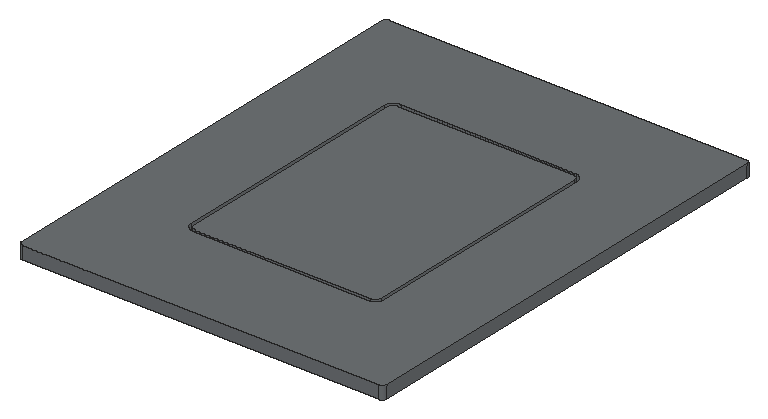
Revit family "Grohe_FlushPlate_SpaPremium_104644AL00", category Plumbing Fixtures, host Face, Revit 2022
Family settings
  Host = Face
  Round Connector Dimension = Use Diameter
  Part Type = Normal
  Cut with Voids When Loaded = No
  Maintain Annotation Orientation = No
  Shared = No
  Room Calculation Point = No
Parameters (values of type "SPA Flush Plate (104644AL00)")
  _ObjectUserGuide = "https://www.bimstore.co/products/spa-flush-plate-104644AL00/document/object-user-guide"
  _DistributedBy = "https://www.bimstore.co/"
  _CurrentRevision = 1
  _CreatedBy = "https://www.bimstore.co/"
  _BimSpecGuid = 0
  _BSBibleVersion = 17
  _AuthorizedBy = "bimstore"
  _Author = "AM 191"
  Waste Connection = no
  WarrantyStartDate [instance] = "Please Record on Commissioning"
  WarrantyGuarantorParts = "info-uk@grohe.com"
  WarrantyGuarantorLabor = "info-uk@grohe.com"
  WarrantyDurationUnit = "Years"
  WarrantyDurationParts = "0"
  WarrantyDurationLabor = "0"
  WarrantyDescription = "n/a"
  Vent Connection = no
  URL = "https://www.grohe.co.uk/"
  TypeName = "SPA Flush Plate"
  Type Comments = "SPA Flush Plate"
  TPIDocumentLink = "https://cdn.cloud.grohe.com/tpi/2000/2200/2220/2226/2226057/original/2226057.pdf"
  SustainabilityReport = "green.grohe.com/reporting"
  SustainabilityAward = "green.grohe.com/awards"
  SpareParts = "info-uk@grohe.com"
  Size = "n/a"
  Shape = "n/a"
  SerialNumber [instance] = "Please Record on Commissioning"
  ReplacementCost = "n/a"
  ReferencedStandard = "n/a"
  ProductionYear = "2024"
  ProductType = "n/a"
  ProductShortText = "Flush plate with soft touch actuation"
  ProductNumber = "104644AL00"
  ProductDescription = "for dual flush actuation\r\nfor pneumatic discharge valve AV1\r\nvertical installation\r\n160 x 201 mm\r\nmaterial: ABS\r\nGROHE Long-Life finish\r\nGROHE Water Saving - Less water, perfect flow\r\nfor combination with Rapid SL and Uniset with GD 2 cistern, slim cistern and 80 mm cistern\r\ncompatible with auto flush of Sensia Arena, Sensia Pro and Hygiena\r\n6 V lithium battery, type CR-P2\r\nbattery lifetime: 4 years for a 3 person household (approx. 17000 actuations)\r\nbattery status warning\r\nauto flush\r\ncleaning mode\r\nfor mains supply please order transformer 42 470 000"
  PrimaryMaterial = Grohe_Anthracite
  PQDiagramLink = "n/a"
  NominalLength = 0 mm
  NominalHeight = 0 mm
  NominalDepth = 0 mm
  NBSReference = "90-15-35/470"
  NBSOfficeMasterTag = "n/a"
  NBSObjectName = "Grohe - Flush control devices"
  NBSNote = "n/a"
  NBSDescription = "Flush control devices"
  ModelReference = "SPA Flush Plate"
  ModelNumber = "104644AL00"
  Model = "104644AL00"
  Material = "n/a"
  ManufacturerName = "Grohe"
  Manufacturer = "Grohe"
  Keynote = "N13"
  InstallationDate [instance] = "Please Record on Commissioning"
  IfcExportType = "IfcPipeFittingType"
  IfcExportAs = "IfcPipeFitting"
  HW Connection = no
  Grade = "n/a"
  GROHESustainability = "green.grohe.com"
  GROHESocialCommittment = "green.grohe.com/social_engagement"
  FullRecyclabilityOfPlastic = "All plastic components are fully recycable"
  Finish = "n/a"
  Features = "n/a"
  ExpectedLife = 0
  Ecojoy = no
  EF023752 = "true"
  EF023751 = "true"
  EF020828 = "false"
  EF020827 = "true"
  EF010109 = "false"
  EF006949 = "Pneumatic"
  EF006331 = "false"
  EF002169 = "Plastic"
  EF002147 = "Two button"
  EF001438 = "51"
  EF000040 = "201"
  EF000008 = "160"
  EF000007 = "Anthracite"
  DurationUnit = "Years"
  DocumentationTechnical = "https://www.bimstore.co/products/spa-flush-plate-104644AL00/document/technical-data-sheet"
  DocumentationMaintenance = "https://www.bimstore.co/products/spa-flush-plate-104644AL00/document/maintenance-information"
  DocumentationLiterature = "https://www.bimstore.co/products/spa-flush-plate-104644AL00/document/product-literature"
  DocumentationInstallationGuide = "https://www.bimstore.co/products/spa-flush-plate-104644AL00/document/installation-guide"
  DocumentationCertificates = "https://www.bimstore.co/products/spa-flush-plate-104644AL00/document/product-certificates"
  DimensionsDocumentLink = "https://cdn.cloud.grohe.com/dimdraw/100000/100000/100000/100300/100360/100365/100365177/1280/100365177.jpg"
  Description = "SPA Flush Plate"
  Default Elevation = 0 mm
  CreatedOn = "2024-09-04T:09:00:00"
  CreatedBy = "info-uk@grohe.com"
  CradleToCradleCertification = "n/a"
  Cost = 0
  Constituents = "n/a"
  Color = "Anthracite"
  CodePerformance = "n/a"
  ClassificationValue = "Pr_75_50_46_31"
  ClassificationName = "Uniclass2015"
  CW Connection = no
  CO2NeutralProduction = "GROHE is one of the first leading manufacturer within the sanitary industry having a CO2-neutral production."
  BarCode [instance] = "Please Record on Commissioning"
  BIMObjectName = "Grohe_FlushPlate_SpaPremium_104644AL00"
  AssetType = "Fixed"
  AssetIdentifier [instance] = "n/a"
  Assembly Code = ""
  AccessibilityPerformance = "n/a"
Reference planes
  plane 1 "Center (Front/Back)": y = 0
  plane 2: z = 0
  plane 3 "Center (Left/Right)": x = 0
Forms (mm)
  Extrusion 1, solid, material "Grohe_Anthracite" <- "PrimaryMaterial"
    sketch origin (0, 0, 0) x (1, 0, 0) y (0, 1, 0)
      loop
        line (78, 100.5) -> (-78, 100.5)
        arc (-78, 100.5) -> (-79.414, 99.914) -> (-80, 98.5) r 2
        line (-80, 98.5) -> (-80, -98.5)
        arc (-80, -98.5) -> (-79.414, -99.914) -> (-78, -100.5) r 2
        line (-78, -100.5) -> (78, -100.5)
        arc (78, -100.5) -> (79.414, -99.914) -> (80, -98.5) r 2
        line (80, -98.5) -> (80, 98.5)
        arc (80, 98.5) -> (79.414, 99.914) -> (78, 100.5) r 2
      loop
        arc (-38.4, 56.802) -> (-41.228, 55.63) -> (-42.4, 52.802) r 4
        line (-42.4, 52.802) -> (-42.4, -52.802)
        arc (-42.4, -52.802) -> (-41.228, -55.63) -> (-38.4, -56.802) r 4
        line (-38.4, -56.802) -> (38.4, -56.802)
        arc (38.4, -56.802) -> (41.228, -55.63) -> (42.4, -52.802) r 4
        line (42.4, -52.802) -> (42.4, 52.802)
        arc (42.4, 52.802) -> (41.228, 55.63) -> (38.4, 56.802) r 4
        line (38.4, 56.802) -> (-38.4, 56.802)
      loop
        arc (-38.4, 55.302) -> (-40.168, 54.569) -> (-40.9, 52.802) r 2.5
        line (-40.9, 52.802) -> (-40.9, -52.802)
        arc (-40.9, -52.802) -> (-40.168, -54.569) -> (-38.4, -55.302) r 2.5
        line (-38.4, -55.302) -> (38.4, -55.302)
        arc (38.4, -55.302) -> (40.168, -54.569) -> (40.9, -52.802) r 2.5
        line (40.9, -52.802) -> (40.9, 52.802)
        arc (40.9, 52.802) -> (40.168, 54.569) -> (38.4, 55.302) r 2.5
        line (38.4, 55.302) -> (-38.4, 55.302)
    from 0 to 5.5
  Extrusion 2, solid, material "Grohe_Anthracite" <- "PrimaryMaterial"
    sketch origin (0, 0, 0) x (1, 0, 0) y (0, 1, 0)
      loop
        line (-42.4, -56.802) -> (42.4, -56.802) -> (42.4, 56.802) -> (-42.4, 56.802) -> (-42.4, -56.802)
    from 0 to 2.75
Cuts and joins
  joined: Extrusion 1, Extrusion 2
Dimensions and locks
  aligned and locked: plane 2 to host face
  aligned and locked: level to host face
